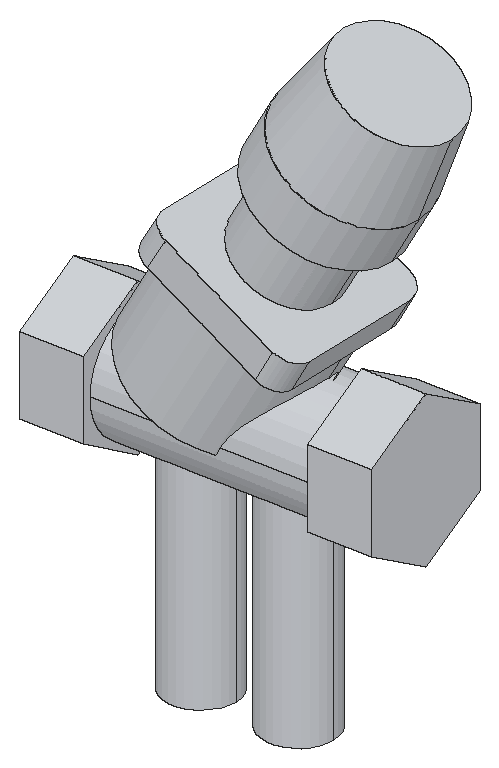
Revit family "OPTIMA_Compact_Plus_FF_DN20_5,5_RFA_2018", category Pipe Accessories, Revit 2018
Family settings
  Round Connector Dimension = Use Diameter
  Part Type = Valve - Breaks Into
  Work Plane-Based = No
  Always vertical = Yes
  Cut with Voids When Loaded = No
  Shared = No
Parameters (values of type "OPTIMA Compact Plus DN20 F-F 5.5mm")
  magiProductId = "6f2e419bcadf4dd2a9ff6e694a03fa"
  magiProductFamilyId = "01be67634ee84b2d9a1468c78c5465"
  magiPartTypeId = 304
  isMeasuringValve [instance] = no
  ang2D [instance] = 0.00°
  Z = 0 mm
  X = 10 mm
  W2D = 32 mm
  VersionID = "2.0/2018.8.28.1/FRESE_OPTIMA-COMPACT-FF_001"
  Use Minimum Symbol Size [instance] = yes
  URL = "www.hydronic.cz"
  Type Comments = "vnitřní závit; PN25; 0~120°C, s měřením"
  R9 = 8 mm
  R8 = 14 mm
  R7 = 17 mm
  R6 = 12 mm
  R5 = 5 mm
  R4 = 19 mm
  R3 = 19 mm
  R2 = 13.5 mm
  R1 = 17.5 mm
  QmdConnectorList = "301;D;302;D"
  Productdata [instance] = ""
  PLG0 = yes
  Manufacturer = "Hydronic Systems Prague s.r.o."
  MC Product Code = "53-1338  (3/4\" F-F; 5.5mm; Qmin-dpmin 300l/h-17.8kPa; Qmax-dpmin 1800l/h-40.0kPa; dpmax 800kPa)"
  MC Piping Given Pressure Drop [instance] = 0.0 Pa
  LL = 39.5 mm
  L3 = 11 mm
  L2D_Min = 3048 mm
  L2D = 104 mm
  L2 = 50.56 mm
  L1__ve = -L1  # -14.22 mm
  L1 = 14.22 mm
  H6__ve = -H6  # -59.5 mm
  H6 = 59.5 mm
  H5 = 20 mm
  H4 = 12 mm
  H3 = 18 mm
  H2 = 8 mm
  H1 = 26 mm
  Description = "Tlakově nezávislý 2-cestný regulační vyvažovací ventil (PICV)"
  D = 20 mm
  CenSd_R1_6 = R1 * cos(30.00°)  # 15.155 mm
  A = 30.00°
Types (6, lengths in mm): name | magiProductId | Z | X | R4 | R3 | R2 | R1 | MC Product Code | LL | L3 | L2 | L1__ve | L1 | H6__ve | H6 | H3 | H2 | H1 | D | CenSd_R1_6
  OPTIMA Compact Plus DN32 F-F 5.5mm | "df1c00d195034ef0b1ec6dc57a3080" | 1 | 13 | 29 | 31.5 | 22 | 26 | "53-1374  (5/4\" F-F; 5.5mm; Qmin-dpmin 550l/h-17.9kPa; Qmax-dpmin 4001l/h-28.0kPa; dpmax 800kPa)" | 52 | 12.5 | 66.56 | -18.72 | 18.72 | -68 | 68 | 16 | 10 | 46 | 32 | 22.517
  OPTIMA Compact Plus DN15 F-F 2.5mm | "89b348523dca4fefb6c7ae521abddd" | 0 | 7 | 19 | 19 | 12 | 15 | "53-1364  (1/2\" F-F; 2.5mm; Qmin-dpmin 100l/h-14.9kPa; Qmax-dpmin 575l/h-18.5kPa; dpmax 800kPa)" | 37.5 | 11 | 48 | -13.5 | 13.5 | -57 | 57 | 18 | 8 | 26 | 15 | 12.99
  OPTIMA Compact Plus DN15 F-F 5.0mm | "2e6505697e744e01b0ad9c2d669662" | 0 | 7 | 19 | 19 | 12 | 15 | "53-1365  (1/2\" F-F; 5.0mm; Qmin-dpmin 220l/h-16.0kPa; Qmax-dpmin 1330l/h-21.6kPa; dpmax 800kPa)" | 37.5 | 11 | 48 | -13.5 | 13.5 | -57 | 57 | 18 | 8 | 26 | 15 | 12.99
  OPTIMA Compact Plus DN20 F-F 5.0mm | "3b063aaad6f44e8dbcb4679e4a622e" | 0 | 10 | 19 | 19 | 13.5 | 17.5 | "53-1368  (3/4\" F-F; 5.0mm; Qmin-dpmin 220l/h-16.0kPa; Qmax-dpmin 1330l/h-21.6kPa; dpmax 800kPa)" | 39.5 | 11 | 50.56 | -14.22 | 14.22 | -59.5 | 59.5 | 18 | 8 | 26 | 20 | 15.155
  OPTIMA Compact Plus DN20 F-F 5.5mm | "6f2e419bcadf4dd2a9ff6e694a03fa" | 0 | 10 | 19 | 19 | 13.5 | 17.5 | "53-1338  (3/4\" F-F; 5.5mm; Qmin-dpmin 300l/h-17.8kPa; Qmax-dpmin 1800l/h-40.0kPa; dpmax 800kPa)" | 39.5 | 11 | 50.56 | -14.22 | 14.22 | -59.5 | 59.5 | 18 | 8 | 26 | 20 | 15.155
  OPTIMA Compact Plus DN25 F-F 5.5mm | "d9f644dbdce8417aa9c852cd9f0b5f" | 0 | 13 | 29 | 31.5 | 18.5 | 22 | "53-1373  (1\" F-F; 5.5mm; Qmin-dpmin 600l/h-17.3kPa; Qmax-dpmin 3609l/h-23.0kPa; dpmax 800kPa)" | 50 | 12.5 | 64 | -18 | 18 | -64 | 64 | 16 | 10 | 43 | 25 | 19.053
Reference planes
  plane 1 "Center (Front/Back)": y = 0
  plane 2 "XYPLANE": z = 0
  plane 3 "Center (Left/Right)": x = 0
  plane 4 "267": x = 11
  plane 5 "266": x = -11
  plane 6 "252": through (-607.519, 0, 447.746) normal (0.5, 0, 0.866)
  plane 7 "250": through (-617.519, 0, 430.426) normal (0.5, 0, 0.866)
  plane 8 "248": through (-623.519, 0, 420.033) normal (0.5, 0, 0.866)
  plane 9 "245": through (-632.519, 0, 404.445) normal (0.5, 0, 0.866)
  plane 10 "241": through (349.885, 0, 664.019) normal (0.866, 0, -0.5)
  plane 11 "240": through (382.794, 0, 645.019) normal (0.866, 0, -0.5)
  plane 12 "239": y = -19
  plane 13 "238": y = 19
  plane 14 "237": through (-636.519, 0, 397.517) normal (0.5, 0, 0.866)
  plane 15 "235": through (-649.519, 0, 375) normal (0.5, 0, 0.866)
  plane 16 "231": y = 0
  plane 17 "230": through (366.34, 0, 654.519) normal (0.866, 0, -0.5)
  plane 18 "211": x = -25.28
  plane 19 "204": x = 39.5
  plane 20 "203": x = -39.5
  plane 21 "202": x = 0
  plane 22 "201": z = 0
  plane 23 "200": y = 0
  plane 24 "227XY": through (-649.519, 0, 375) normal (0.5, 0, 0.866)
  plane 25 "227XZ": y = 0
  plane 26 "227YZ": through (375, 0, 649.519) normal (0.866, 0, -0.5)
Forms (mm)
  Extrusion 1, solid
    sketch origin (39.5, -750, 0) x (0, 1, 0) y (0, 0, 1)
      loop
        line (750, 17.5) -> (734.845, 8.75) -> (734.845, -8.75) -> (750, -17.5) -> (765.155, -8.75) -> (765.155, 8.75) -> (750, 17.5)
    from 0 to -14.22 <- "L1__ve"
  Extrusion 2, solid
    sketch origin (-39.5, -750, 0) x (0, 1, 0) y (0, 0, 1)
      loop
        line (750, 17.5) -> (734.845, 8.75) -> (734.845, -8.75) -> (750, -17.5) -> (765.155, -8.75) -> (765.155, 8.75) -> (750, 17.5)
    from 0 to 14.22 <- "L1"
  Extrusion 3, solid, visible <- "PLG0"
    sketch origin (-750, 0, 0) x (1, 0, 0) y (0, 1, 0)
      loop
        circle (761, 0) r 8
    from 0 to -59.5 <- "H6__ve"
  Extrusion 4, solid, visible <- "PLG0"
    sketch origin (-750, 0, 0) x (1, 0, 0) y (0, 1, 0)
      loop
        circle (739, 0) r 8
    from 0 to -59.5 <- "H6__ve"
  Blend 5, solid
    base sketch origin (-617.519, 0, 430.426) x (0.866025, 0, -0.5) y (0, 1, 0)
      loop
        circle (740, 0) r 17
    top sketch origin (-617.519, 0, 430.426) x (0.866025, 0, -0.5) y (0, 1, 0)
      loop
        circle (740, 0) r 14
    from 0 to 20
  Extrusion 6, solid
    sketch origin (-623.519, 0, 420.033) x (0.866025, 0, -0.5) y (0, 1, 0)
      loop
        circle (740, 0) r 17
    from 0 to 12 <- "H4"
  Extrusion 7, solid
    sketch origin (-632.519, 0, 404.445) x (0.866025, 0, -0.5) y (0, 1, 0)
      loop
        circle (740, 0) r 12
    from 0 to 18 <- "H3"
  Extrusion 8, solid
    sketch origin (-636.519, 0, 397.517) x (0.866025, 0, -0.5) y (0, 1, 0)
      loop
        arc (726, 19) -> (722.464, 17.536) -> (721, 14) r 5
        line (721, 14) -> (721, -14)
        arc (721, -14) -> (722.464, -17.536) -> (726, -19) r 5
        line (726, -19) -> (754, -19)
        arc (754, -19) -> (757.536, -17.536) -> (759, -14) r 5
        line (759, -14) -> (759, 14)
        arc (759, 14) -> (757.536, 17.536) -> (754, 19) r 5
        line (754, 19) -> (726, 19)
    from 0 to 8 <- "H2"
  Extrusion 9, solid
    sketch origin (-649.519, 0, 375) x (0.866025, 0, -0.5) y (0, 1, 0)
      loop
        circle (740, 0) r 19
    from 0 to 26 <- "H1"
  Extrusion 10, solid
    sketch origin (-25.28, -750, 0) x (0, 1, 0) y (0, 0, 1)
      loop
        circle (750, 0) r 13.5
    from 0 to 50.56 <- "L2"
  Extrusion 11, solid, not visible
    sketch origin (39.5, -750, 0) x (0, 1, 0) y (0, 0, 1)
      loop
        circle (750, 0) r 10
    from 0 to -10
  Extrusion 12, solid, not visible
    sketch origin (-39.5, -750, 0) x (0, 1, 0) y (0, 0, 1)
      loop
        circle (750, 0) r 10
    from 0 to 10
Lines and regions (mm)
  reference lines, not visible
    curve 1: circle (2, 2, 0) r 1 normal (0, 0, 1)
  reference lines
    curve 2: line (39.5, 0, 0) -> (39.5, -11.258, -6.5)
    curve 3: line (39.5, 0, 0) -> (39.5, 0, -13)
    curve 4: line (39.5, 0, 0) -> (39.5, 11.258, -6.5)
    curve 5: line (-39.5, 0, 0) -> (-39.5, 11.258, -6.5)
    curve 6: line (-39.5, 0, 0) -> (-39.5, 0, -13)
    curve 7: line (-39.5, 0, 0) -> (-39.5, -11.258, -6.5)
Dimensions and locks
  plane 1 "Center (Front/Back)" to curve 1 = 2 mm
  "L3": plane 3 "Center (Left/Right)" to plane 4 "267"
  "L3": plane 3 "Center (Left/Right)" to plane 5 "266"
  "H5": plane 7 "250" to plane 6 "252"
  "H4": plane 8 "248" to plane 7 "250"
  "H3": plane 9 "245" to plane 8 "248"
  "H2": plane 14 "237" to plane 9 "245"
  "R4": plane 17 "230" to plane 10 "241"
  "R4": plane 17 "230" to plane 11 "240"
  "R4": plane 23 "200" to plane 12 "239"
  "R4": plane 23 "200" to plane 13 "238"
  "H1": plane 15 "235" to plane 14 "237"
  "Z": plane 24 "227XY" to plane 15 "235"
  locked: plane 23 "200" to plane 16 "231"
  "X": plane 26 "227YZ" to plane 17 "230"
  "L1": plane 20 "203" to plane 18 "211"
  "LL": plane 3 "Center (Left/Right)" to plane 19 "204"
  "LL": plane 3 "Center (Left/Right)" to plane 20 "203"
  locked: plane 3 "Center (Left/Right)" to plane 21 "202"
  locked: plane 2 "XYPLANE" to plane 22 "201"
  locked: plane 1 "Center (Front/Back)" to plane 23 "200"
  "CenSd_R1_6": curve 2 to Extrusion 1 sketch curve  (x2)
  "CenSd_R1_6": curve 3 to Extrusion 1 sketch curve  (x2)
  "CenSd_R1_6": curve 4 to Extrusion 1 sketch curve  (x2)
  Extrusion 1 sketch curve to Extrusion 1 sketch curve = 0 mm  (x12)
  "CenSd_R1_6": curve 5 to Extrusion 2 sketch curve  (x2)
  "CenSd_R1_6": curve 6 to Extrusion 2 sketch curve  (x2)
  "CenSd_R1_6": curve 7 to Extrusion 2 sketch curve  (x2)
  Extrusion 2 sketch curve to Extrusion 2 sketch curve = 0 mm  (x12)
  Extrusion 8 sketch curve to Extrusion 8 sketch curve = 0 mm  (x16)
  "R9": radius of Extrusion 3 sketch curve
  "R9": radius of Extrusion 4 sketch curve
  "R8": radius of Blend 5 sketch curve
  "R7": radius of Blend 5 sketch curve
  "R7": radius of Extrusion 6 sketch curve
  "R6": radius of Extrusion 7 sketch curve
  "R5": radius of Extrusion 8 sketch curve  (x4)
  "R3": radius of Extrusion 9 sketch curve
  "R2": radius of Extrusion 10 sketch curve
  locked: curve 3 to curve 2 (angle 60.00°)
  locked: curve 4 to curve 3 (angle 60.00°)
  locked: curve 4 to curve 2 (angle 120.00°)
  locked: curve 6 to curve 5 (angle 60.00°)
  locked: curve 7 to curve 6 (angle 60.00°)
  locked: curve 7 to curve 5 (angle 120.00°)
  aligned and locked: level to plane 2 "XYPLANE"
  aligned and locked: plane 22 "201" to curve 4
  aligned and locked: curve 4 to plane 23 "200"
  aligned and locked: plane 22 "201" to curve 7
  aligned and locked: curve 7 to plane 23 "200"
  aligned and locked: plane 4 "267" to Extrusion 3 sketch curve
  aligned and locked: plane 23 "200" to Extrusion 3 sketch curve
  aligned and locked: plane 5 "266" to Extrusion 4 sketch curve
  aligned and locked: plane 23 "200" to Extrusion 4 sketch curve
  aligned and locked: plane 16 "231" to Blend 5 sketch curve  (x2)
  aligned and locked: Blend 5 sketch curve to plane 17 "230"  (x2)
  aligned and locked: plane 6 "252" to Blend 5
  aligned and locked: plane 16 "231" to Extrusion 6 sketch curve
  aligned and locked: Extrusion 6 sketch curve to plane 17 "230"
  aligned and locked: plane 16 "231" to Extrusion 7 sketch curve
  aligned and locked: Extrusion 7 sketch curve to plane 17 "230"
  aligned and locked: Extrusion 8 sketch curve to plane 10 "241"
  aligned and locked: Extrusion 8 sketch curve to plane 12 "239"
  aligned and locked: Extrusion 8 sketch curve to plane 11 "240"
  aligned and locked: plane 13 "238" to Extrusion 8 sketch curve
  aligned and locked: plane 16 "231" to Extrusion 9 sketch curve
  aligned and locked: Extrusion 9 sketch curve to plane 17 "230"
  aligned and locked: plane 22 "201" to Extrusion 10 sketch curve
  aligned and locked: Extrusion 10 sketch curve to plane 23 "200"
  aligned and locked: plane 22 "201" to Extrusion 11 sketch curve
  aligned and locked: Extrusion 11 sketch curve to plane 23 "200"
  aligned and locked: plane 22 "201" to Extrusion 12 sketch curve
  aligned and locked: Extrusion 12 sketch curve to plane 23 "200"
Automatic sketch dimensions
  plane 1 "Center (Front/Back)" to Extrusion 11 sketch curve = 10 mm
  plane 1 "Center (Front/Back)" to Extrusion 12 sketch curve = 10 mm
  plane 3 "Center (Left/Right)" to curve 1 = 2 mm
  radius of curve 1 = 1 mm
Connectors
  piping at (-39.5, 0, 0), diameter 20, driven by "D"
    settings: on Extrusion 12, index 1, connector inside diameter 609.6 mm, connector length 0 mm, flow factor 0, pipe flow 0.0 L/s, pressure drop 0.0 Pa, fitting loss kfactor 0, connector angle 0.00°, fixture units 0, engagement length 0 mm, angle of deflection 0.00°, flow configuration 0, flow direction 0, fitting loss method 0, system type 29, joint type 0, gender type 0, connector reference index 2, connector utility 0, adjustable connector no, is connector primary yes, connector description ""
  piping at (39.5, 0, 0), diameter 20, driven by "D"
    settings: on Extrusion 11, index 2, connector inside diameter 609.6 mm, connector length 0 mm, flow factor 0, pipe flow 0.0 L/s, pressure drop 0.0 Pa, fitting loss kfactor 0, connector angle 0.00°, fixture units 0, engagement length 0 mm, angle of deflection 0.00°, flow configuration 0, flow direction 0, fitting loss method 0, system type 29, joint type 0, gender type 0, connector reference index 1, connector utility 0, adjustable connector no, is connector primary no, connector description ""
